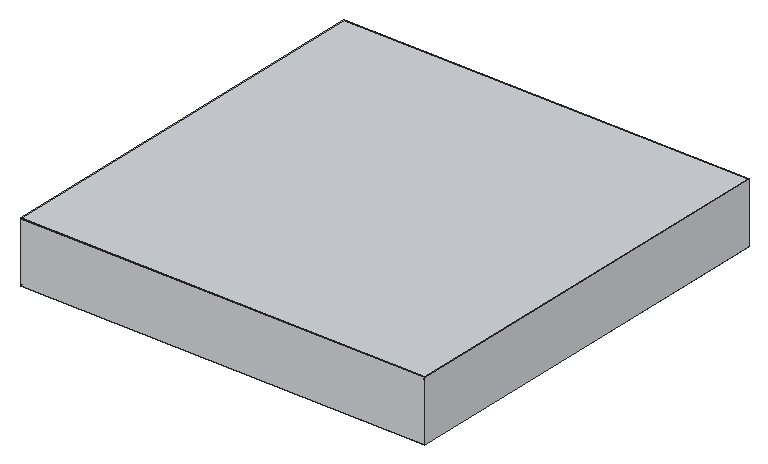
Revit family "FK065-20x20x3-Z", category Furniture Systems, Revit 2019
Family settings
  Round Connector Dimension = Use Diameter
  Part Type = Normal
  Work Plane-Based = No
  Always vertical = Yes
  Cut with Voids When Loaded = No
  Shared = No
  Room Calculation Point = No
Parameters (values of type "Fun Pad, 20L x 20W x 3H, Zippered")
  URL = "https://fomcore.com/"
  Side Fabric = none
  Seat Fabric = none
  Model = "FK065-20x20x3-Z"
  Manufacturer = "FOMCORE"
  Description = "Lil Explorer - Slab"
Reference planes (in)
  plane 1 "Center F/B": y = 0
  plane 2: z = 0
  plane 3 "Center L/R": x = 0
  plane 4: x = -10
  plane 5: y = 10
  plane 6: y = -10
  plane 7: x = 10
  plane 8: z = 3
Forms (in)
  Sweep 1, solid, material <- "Side Fabric"
    path origin (0, 0, 0) x (1, 0, 0) y (0, 1, 0)
      loop
        line (10, 10) -> (-10, 10) -> (-10, -10) -> (10, -10) -> (10, 10)
    profile origin (0, 10, 0) x (0, -1, 0) y (0, 0, 1)
      loop
        line (0, 3) -> (0, 0) -> (0.125, 0.21651) -> (0.125, 2.78349) -> (0, 3)
  Blend 2, solid, material <- "Seat Fabric"
    base sketch origin (0, 0, 0) x (1, 0, 0) y (0, 1, 0)
      loop
        line (10, 10) -> (-10, 10) -> (-10, -10) -> (10, -10) -> (10, 10)
    top sketch origin (0, 0, 0) x (1, 0, 0) y (0, 1, 0)
      loop
        line (-9.875, -9.875) -> (9.875, -9.875) -> (9.875, 9.875) -> (-9.875, 9.875) -> (-9.875, -9.875)
    from 0 to 0.21651
  Blend 3, solid, material <- "Seat Fabric"
    base sketch origin (0, 0, 3) x (0, -1, 0) y (1, 0, 0)
      loop
        line (-10, 10) -> (-10, -10) -> (10, -10) -> (10, 10) -> (-10, 10)
    top sketch origin (0, 0, 3) x (0, -1, 0) y (1, 0, 0)
      loop
        line (9.875, -9.875) -> (9.875, 9.875) -> (-9.875, 9.875) -> (-9.875, -9.875) -> (9.875, -9.875)
    from 0 to -0.21651
Dimensions and locks (in)
  plane 8 to level = 0' - 3"  (x2)
  plane 4 to plane 7 = 1' - 8"
  equal spacing: plane 4, plane 3 "Center L/R", plane 7
  plane 5 to plane 6 = 1' - 8"
  equal spacing: plane 5, plane 1 "Center F/B", plane 6
  aligned and locked: level to plane 2
Automatic sketch dimensions
  Sweep 1 sketch curve to plane 4 = 0' - 0"
  plane 6 to Sweep 1 sketch curve = 0' - 0"
  Sweep 1 sketch curve to plane 7 = 0' - 0"
  Sweep 1 sketch curve to plane 5 = 0' - 0"
  Sweep 1 sketch curve to level = 0' - 0"
  Sweep 1 sketch curve to profile plane = 0' - 0"
  Sweep 1 sketch curve to profile plane = 0' - 0 1/8"
  level to Sweep 1 sketch curve = 0' - 0.21651"
  Sweep 1 sketch curve to Sweep 1 sketch curve = 0' - 2.56699"
  Sweep 1 sketch curve to Sweep 1 sketch curve = 0' - 0.21651"
  Blend 2 sketch curve to plane 4 = 0' - 0"
  Blend 2 sketch curve to plane 5 = 0' - 0"
  Blend 2 sketch curve to plane 7 = 0' - 0"
  plane 6 to Blend 2 sketch curve = 0' - 0"
  Blend 2 sketch curve to plane 4 = 0' - 0 1/8"
  Blend 2 sketch curve to plane 7 = 0' - 0 1/8"
  Blend 2 sketch curve to plane 6 = 0' - 0 1/8"
  Blend 2 sketch curve to plane 5 = 0' - 0 1/8"
  Blend 3 sketch curve to plane 4 = 0' - 0"
  Blend 3 sketch curve to plane 5 = 0' - 0"
  plane 6 to Blend 3 sketch curve = 0' - 0"
  Blend 3 sketch curve to plane 7 = 0' - 0"
  Blend 3 sketch curve to plane 5 = 0' - 0 1/8"
  Blend 3 sketch curve to plane 6 = 0' - 0 1/8"
  Blend 3 sketch curve to plane 4 = 0' - 0 1/8"
  Blend 3 sketch curve to plane 7 = 0' - 0 1/8"
